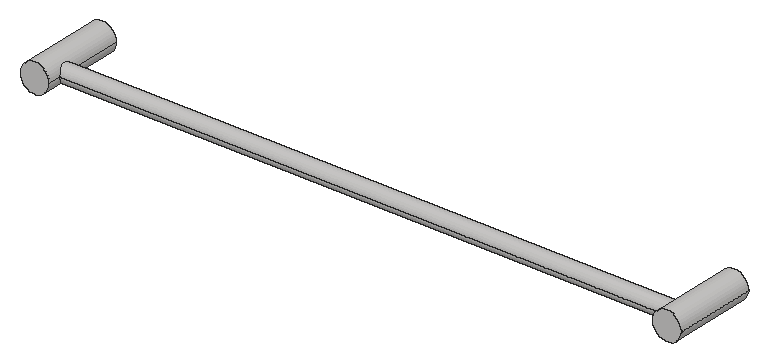
Revit family "SA-3107-18", category Plumbing Fixtures, Revit 2023
Family settings
  Round Connector Dimension = Use Diameter
  Part Type = Normal
  OmniClass Number = 23.45.00.00
  OmniClass Title = Sanitary, Laundry, and Cleaning Equipment
  Work Plane-Based = No
  Enable Cutting in Views = No
  Always vertical = Yes
  Cut with Voids When Loaded = No
  Maintain Annotation Orientation = No
  Shared = No
  Room Calculation Point = No
Parameters
  Default Elevation = 0"
Reference planes (in)
  plane 1 "Center (Front/Back)": y = 0
  plane 2: z = 0
  plane 3 "Center (Left/Right)": x = 0
  plane 4 "Center L/W": y = -2.375
  plane 5: x = -9.375
  plane 6: x = 9.375
  plane 7 "Center L/X": x = -9
  plane 8 "Center L/Y": x = 9
Forms (in)
  Extrusion 1, solid, material "STAINLESS STEEL"
    sketch origin (-3.03125, 0, 0) x (1, 0, 0) y (0, 0, 1)
      loop
        circle (12, 0) r 0.40625
    from 0 to 2.375
  Extrusion 2, solid, material "STAINLESS STEEL"
    sketch origin (-20.96875, 0, 0) x (1, 0, 0) y (0, 0, 1)
      loop
        circle (12, 0) r 0.40625
    from 0 to 2.375
  Extrusion 3, solid, material "STAINLESS STEEL"
    sketch origin (0, 0.29909, 0) x (0, 1, 0) y (0, 0, 1)
      loop
        circle (-2.05681, 0) r 0.25
    from -8.94888 to 8.97403
Dimensions and locks (in)
  plane 4 "Center L/W" to plane 1 "Center (Front/Back)" = 2 3/8"
  plane 6 to plane 5 = 18 3/4"
  plane 8 "Center L/Y" to plane 7 "Center L/X" = 18"
  diameter of Extrusion 1 = 13/16"
  diameter of Extrusion 3 = 1/2"
  aligned and locked: level to plane 2
